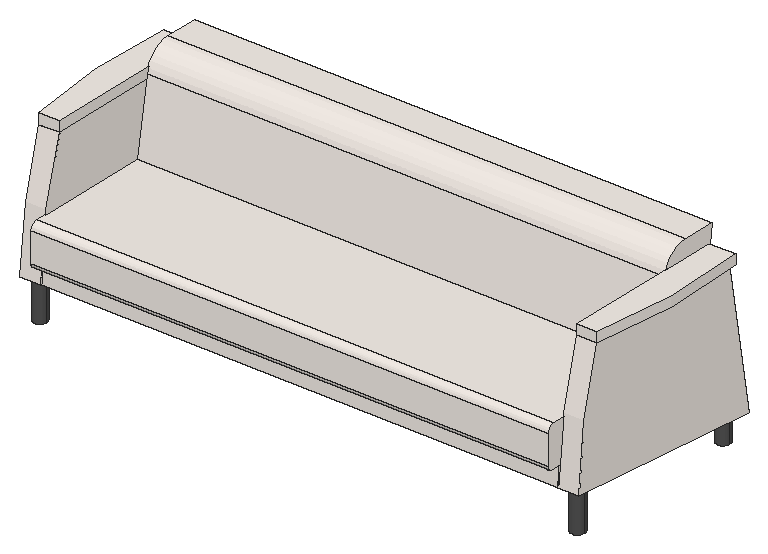
Revit family
Parameters (values of type "2100mm")
  Length = 2100.00 mm
  Material Sofa = Textile - Linen, Smooth
  Material Frame = Metal - Chrome
  Keynote = "N"
  Assembly Code = ""
Types (2, lengths in mm): name | Length
  2100mm | 2100.00
  1650mm | 1650.00
Reference planes
  plane 1 "Center (Front/Back)": y = 277.11
  plane 2: z = 0
  plane 3 "Center (Left/Right)": x = 278.606
  plane 4: y = 696.21
  plane 5: y = -141.99
  plane 6: x = 1328.606
  plane 7: x = -771.394
  plane 8: z = 736.6
  plane 9: z = 406.4
  plane 10: x = 1252.406
  plane 11: x = -695.194
  plane 12: x = -733.294
  plane 13: x = 1290.506
  plane 14: y = 632.71
  plane 15: y = -53.09
Forms (mm)
  Extrusion 1, solid, material "Textile - Linen, Smooth" <- "Material Sofa"
    sketch origin (0, 0, 0) x (0, 1, 0) y (0, 0, 1)
      loop
        arc (-141.99, 240.126) -> (-137.34, 228.901) -> (-126.115, 224.251) r 15.875
        line (-126.115, 224.251) -> (667.654, 224.251) -> (609.538, 620.172) -> (626.334, 726.077) -> (502.255, 726.077)
        arc (502.255, 726.077) -> (436.948, 702.307) -> (402.199, 642.12) r 101.6
        line (402.199, 642.12) -> (355.39, 376.651) -> (-116.59, 376.651)
        arc (-116.59, 376.651) -> (-134.551, 369.212) -> (-141.99, 351.251) r 25.4
        line (-141.99, 351.251) -> (-141.99, 240.126)
    from -695.194 to 1252.406
  Extrusion 2, solid, material "Textile - Linen, Smooth" <- "Material Sofa"
    sketch origin (1252.406, 0, 0) x (0, 1, 0) y (0, 0, 1)
      loop
        line (-97.79, 149.311) -> (701.762, 79.359) -> (608.692, 626.02) -> (-9.394, 626.02)
        arc (-9.394, 626.02) -> (-71.771, 391.036) -> (-97.79, 149.311) r 1598.542
    from 0 to 76.2
  Extrusion 3, solid, material "Textile - Linen, Smooth" <- "Material Sofa"
    sketch origin (-695.194, 0, 0) x (0, 1, 0) y (0, 0, 1)
      loop
        line (608.692, 626.02) -> (-9.394, 626.02)
        arc (-9.394, 626.02) -> (-71.771, 391.036) -> (-97.79, 149.311) r 1598.542
        line (-97.79, 149.311) -> (701.762, 79.359) -> (608.692, 626.02)
    from 0 to -76.2
  Extrusion 4, solid, material "Textile - Linen, Smooth" <- "Material Sofa"
    sketch origin (1252.406, 0, 0) x (0, 1, 0) y (0, 0, 1)
      loop
        line (-93.695, 224.251) -> (-93.695, 148.051) -> (668.305, 148.051) -> (668.305, 224.251) -> (-93.695, 224.251)
    from 0 to -1947.6
  Extrusion 5, solid, material "Textile - Linen, Smooth" <- "Material Sofa"
    sketch origin (-695.194, 608.692, 626.02) x (-1, 0, 0) y (0, -1, 0)
      loop
        line (76.2, 618.086) -> (0, 618.086) -> (0, 0) -> (101.6, 0)
        arc (101.6, 0) -> (111.03, 309.952) -> (76.2, 618.086) r 2170.807
      loop
        arc (-2023.8, 618.086) -> (-2058.635, 309.828) -> (-2049.175, -0.248) r 2170.807
        line (-2049.175, -0.248) -> (-1947.6, -0.248) -> (-1947.6, 618.086) -> (-2023.8, 618.086)
    from 0 to 38.1
  Extrusion 6, solid, material "Metal - Chrome" <- "Material Frame"
    sketch origin (0, 0, 0) x (1, 0, 0) y (0, 1, 0)
      loop
        circle (-733.294, -53.09) r 25.4
      loop
        circle (-733.294, 632.71) r 25.4
      loop
        circle (1290.506, 632.71) r 25.4
      loop
        circle (1290.506, -53.09) r 25.4
    from 0 to 148.431
Lines and regions (mm)
  Masking region 1
    outline origin (0, 0, 0) x (1, 0, 0) y (0, 1, 0)
      loop
        line (278.606, 667.654) -> (-695.194, 667.654) -> (-695.194, 701.762) -> (-771.394, 701.762) -> (-771.394, 608.692) -> (-796.794, 608.692)
        arc (-796.794, 608.692) -> (-806.223, 298.739) -> (-771.394, -9.394) r 2170.807
        line (-771.394, -9.394) -> (-771.394, -97.79) -> (-695.194, -97.79) -> (-695.194, -141.99) -> (278.606, -141.99) -> (1252.406, -141.99) -> (1252.406, -97.79) -> (1328.606, -97.79) -> (1328.606, -9.394)
        arc (1328.606, -9.394) -> (1363.436, 298.739) -> (1354.006, 608.692) r 2170.807
        line (1354.006, 608.692) -> (1328.606, 608.692) -> (1328.606, 701.762) -> (1252.406, 701.762) -> (1252.406, 667.654) -> (278.606, 667.654)
  symbolic lines
    curve 1: line (-771.394, 701.762, 0) -> (-695.194, 701.762, 0)
    curve 2: line (-771.394, 701.762, 0) -> (-771.394, -97.79, 0)
    curve 3: line (-771.394, -97.79, 0) -> (-695.194, -97.79, 0)
    curve 4: line (-695.194, 701.762, 0) -> (-695.194, -97.79, 0)
    curve 5: line (1252.406, 701.762, 0) -> (1328.606, 701.762, 0)
    curve 6: line (1252.406, 701.762, 0) -> (1252.406, -97.79, 0)
    curve 7: line (1252.406, -97.79, 0) -> (1328.606, -97.79, 0)
    curve 8: line (1328.606, 701.762, 0) -> (1328.606, -97.79, 0)
    curve 9: line (-695.194, 502.255, 0) -> (1252.406, 502.255, 0)
    curve 10: line (-695.194, 502.255, 0) -> (-695.194, -141.99, 0)
    curve 11: line (-695.194, -141.99, 0) -> (1252.406, -141.99, 0)
    curve 12: line (1252.406, 502.255, 0) -> (1252.406, -141.99, 0)
    curve 13: line (-695.194, 667.654, 0) -> (1252.406, 667.654, 0)
    curve 14: line (-695.194, 667.654, 0) -> (-695.194, 502.255, 0)
    curve 15: line (-695.194, 502.255, 0) -> (1252.406, 502.255, 0)
    curve 16: line (1252.406, 667.654, 0) -> (1252.406, 502.255, 0)
    curve 17: line (-796.794, 608.692, 0) -> (-771.394, 608.692, 0)
Dimensions and locks
  equal spacing: plane 7, plane 3 "Center (Left/Right)", plane 6
  "Length": plane 7 to plane 6
  equal spacing: plane 5, plane 1 "Center (Front/Back)", plane 4
  locked: plane 5 to plane 4 at 838.2
  locked: plane 14 to plane 4 at 63.5
  locked: plane 5 to plane 15 at 88.9
  locked: plane 7 to plane 11 at 76.2
  locked: plane 10 to plane 6 at 76.2
  locked: plane 7 to plane 12 at 38.1
  locked: plane 13 to plane 6 at 38.1
  aligned and locked: Extrusion 1 to plane 10
  aligned and locked: plane 11 to Extrusion 1
  aligned and locked: Extrusion 2 to plane 6
  aligned and locked: plane 7 to Extrusion 3
  aligned and locked: Extrusion 1 to Extrusion 4 sketch curve
  aligned and locked: plane 11 to Extrusion 4
  aligned and locked: Extrusion 5 sketch curve to Extrusion 5 sketch curve
  aligned and locked: Extrusion 5 sketch curve to Extrusion 3
  aligned and locked: plane 5 to Extrusion 1
  aligned: Extrusion 5 sketch curve to Masking region 1
Automatic sketch dimensions
  Extrusion 1 sketch curve to plane 5 = 0.00 mm
  Extrusion 1 sketch curve to Extrusion 1 sketch curve = 15.875 mm
  Extrusion 1 sketch curve to Extrusion 1 sketch curve = 25.40 mm
  Extrusion 1 sketch curve to plane 1 "Center (Front/Back)" = 78.28 mm
  Extrusion 1 sketch curve to plane 1 "Center (Front/Back)" = 125.089 mm
  Extrusion 1 sketch curve to Extrusion 1 sketch curve = 100.056 mm
  plane 4 to Extrusion 1 sketch curve = 86.672 mm
  plane 8 to Extrusion 1 sketch curve = 10.523 mm
  plane 4 to Extrusion 1 sketch curve = 69.875 mm
  plane 4 to Extrusion 1 sketch curve = 28.556 mm
  Extrusion 1 sketch curve to Extrusion 1 sketch curve = 83.957 mm
  Extrusion 1 sketch curve to Extrusion 1 sketch curve = 105.905 mm
  plane 9 to Extrusion 1 sketch curve = 29.749 mm
  Extrusion 1 sketch curve to Extrusion 1 sketch curve = 111.125 mm
  Extrusion 2 sketch curve to plane 5 = 44.20 mm
  plane 1 "Center (Front/Back)" to Extrusion 2 sketch curve = 286.504 mm
  plane 4 to Extrusion 2 sketch curve = 87.518 mm
  Extrusion 2 sketch curve to plane 4 = 5.552 mm
  level to Extrusion 2 sketch curve = 99.589 mm
  Extrusion 2 sketch curve to Extrusion 2 sketch curve = 798.216 mm
  level to Extrusion 2 sketch curve = 79.359 mm
  level to Extrusion 2 sketch curve = 149.311 mm
  Extrusion 3 sketch curve to plane 5 = 44.20 mm
  plane 1 "Center (Front/Back)" to Extrusion 3 sketch curve = 286.504 mm
  plane 4 to Extrusion 3 sketch curve = 87.518 mm
  Extrusion 3 sketch curve to plane 4 = 5.552 mm
  level to Extrusion 3 sketch curve = 99.589 mm
  Extrusion 3 sketch curve to Extrusion 3 sketch curve = 798.216 mm
  level to Extrusion 3 sketch curve = 79.359 mm
  level to Extrusion 3 sketch curve = 149.311 mm
  Extrusion 4 sketch curve to plane 5 = 48.295 mm
  plane 4 to Extrusion 4 sketch curve = 27.905 mm
  Extrusion 4 sketch curve to Extrusion 4 sketch curve = 76.20 mm
  Extrusion 5 sketch curve to plane 10 = 0.00 mm
  Extrusion 5 sketch curve to plane 11 = 0.00 mm
  Extrusion 5 sketch curve to plane 6 = 34.147 mm
  plane 7 to Extrusion 5 sketch curve = 0.00 mm
  plane 7 to Extrusion 5 sketch curve = 25.40 mm
  plane 4 to Extrusion 5 sketch curve = 87.518 mm
  Extrusion 6 sketch curve to plane 14 = 0.00 mm  (x2)
  Extrusion 6 sketch curve to plane 15 = 0.00 mm  (x2)
  Extrusion 6 sketch curve to plane 12 = 0.00 mm  (x2)
  Extrusion 6 sketch curve to plane 13 = 0.00 mm  (x2)
  Extrusion 6 sketch curve to plane 7 = 12.70 mm  (x2)
  Extrusion 6 sketch curve to plane 10 = 12.70 mm  (x2)
  curve 3 to plane 7 = 0.00 mm
  curve 1 to plane 11 = 0.00 mm
  curve 9 to plane 11 = 0.00 mm
  curve 12 to plane 10 = 0.00 mm
  curve 7 to plane 10 = 0.00 mm
  curve 11 to plane 5 = 0.00 mm
  curve 3 to plane 5 = 44.20 mm
  curve 12 to curve 7 = 44.20 mm
  plane 4 to curve 13 = 28.556 mm
  curve 4 to plane 4 = 5.552 mm
  curve 5 to plane 4 = 5.552 mm
  curve 12 to curve 13 = 165.399 mm
  curve 8 to plane 6 = 0.00 mm
  plane 7 to curve 17 = 25.40 mm
  plane 4 to curve 17 = 87.518 mm
  Masking region 1 sketch curve to plane 7 = 0.00 mm  (x2)
  Masking region 1 sketch curve to plane 11 = 0.00 mm  (x2)
  Masking region 1 sketch curve to plane 5 = 0.00 mm
  Masking region 1 sketch curve to plane 3 "Center (Left/Right)" = 0.00 mm  (x2)
  Masking region 1 sketch curve to plane 10 = 0.00 mm  (x2)
  Masking region 1 sketch curve to plane 6 = 0.00 mm  (x2)
  plane 7 to Masking region 1 sketch curve = 25.40 mm
  plane 7 to Masking region 1 sketch curve = 34.147 mm
  Masking region 1 sketch curve to plane 6 = 25.40 mm
  Masking region 1 sketch curve to plane 6 = 34.147 mm
  Masking region 1 sketch curve to plane 5 = 44.20 mm  (x2)
  Masking region 1 sketch curve to Masking region 1 sketch curve = 88.396 mm  (x2)
  Masking region 1 sketch curve to plane 1 "Center (Front/Back)" = 110.763 mm  (x2)
  plane 4 to Masking region 1 sketch curve = 28.556 mm
  Masking region 1 sketch curve to plane 4 = 5.552 mm  (x2)
  Extrusion 3 to Extrusion 5 sketch curve = 0.248 mm
  Extrusion 5 sketch curve to Extrusion 5 sketch curve = 101.575 mm
  Extrusion 5 sketch curve to Extrusion 5 sketch curve = 76.20 mm
  Extrusion 5 sketch curve to Extrusion 3 = 34.147 mm
